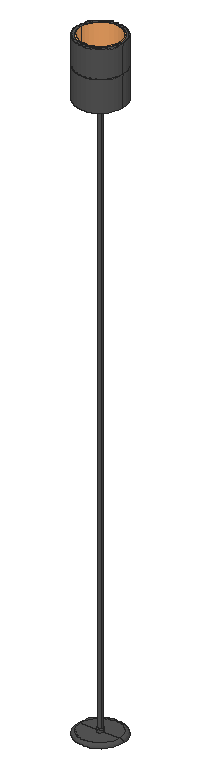
Revit family "MELO CYLINDER PENDANT LIGHT", category Lighting Fixtures, host Face, Revit 2020 (continued)
Types (16): name | Wattage_Input | Wattage Comments | Wattage | Voltage_Input | Size 08 | Size 06 | Size 04 | Selectable Wattage | Photometric Web File | Pendent Rod Length_1 | Pendent | Order number | built-in parameter 1150142 | Model | built-in parameter 1150105 | Lumens | built-in parameter 1150106 | Fixture Diameter | Canopy for Surface Mount J-box | Canopy for Recessed J-Box | Canopy Height | C2 H | C1 H | BEAMING ANGLE
  MELO04R-SP30801-10D-36-GD-BK | 25 W | "25W/18W/12W" | 17.5035 W | 0 V | no | no | yes | 25 W | "MELO04R-SP30901-10D-36_(25W).IES" | 4' - 0" | yes | "17291" | "IESNA:LM-63-2002\r\n[TEST] \r\n[TESTLAB] EVERFINE\r\n[TESTDATE] 2023-03-20\r\n[ISSUEDATE] 2024-03-01 11:52:25\r\n[NEARFIELD] \r\n[LAMPPOSITION] 0,0\r\n[OTHER] EVERFINE GO-2000B_V1 SYSTEM\r\n[MANUFAC] Aboveall lighting\r\n[LUMINAIRE] MELO04R-SP30901-10D-36 (25W)\r\n[OTHER] \r\n[OTHER] Gamma(deg)    Fz(lm)      Ft(lm)     %Lum    %Lamp\r\n[OTHER]   0- 10       402.87      402.87    19.62    19.62\r\n[OTHER]  10- 20       836.48     1239.35    60.35    60.35\r\n[OTHER]  20- 30       542.82     1782.18    86.78    86.78\r\n[OTHER]  30- 40       181.32     1963.50    95.61    95.61\r\n[OTHER]  40- 50        40.18     2003.68    97.57    97.57\r\n[OTHER]  50- 60        19.97     2023.65    98.54    98.54\r\n[OTHER]  60- 70        14.32     2037.97    99.24    99.24\r\n[OTHER]  70- 80         7.94     2045.92    99.63    99.63\r\n[OTHER]  80- 90         2.15     2048.07    99.73    99.73\r\n[OTHER]  90-100         0.04     2048.11    99.73    99.73\r\n[OTHER] 100-110         0.04     2048.15    99.73    99.73\r\n[OTHER] 110-120         0.08     2048.23    99.74    99.74\r\n[OTHER] 120-130         0.13     2048.36    99.74    99.74\r\n[OTHER] 130-140         0.36     2048.73    99.76    99.76\r\n[OTHER] 140-150         0.94     2049.67    99.81    99.81\r\n[OTHER] 150-160         1.61     2051.28    99.89    99.89\r\n[OTHER] 160-170         1.62     2052.90    99.97    99.97\r\n[OTHER] 170-180         0.71     2053.61   100.00   100.00\r\n[OTHER] \r\nTILT=NONE\r\n1 -1 1 181 25 1 2 -0.085 -0.085 0.000\r\n1.000 1 25.5\r\n0.0    1.0    2.0    3.0    4.0    5.0    6.0    7.0    8.0    9.0    \r\n 10.0   11.0   12.0   13.0   14.0   15.0   16.0   17.0   18.0   19.0   \r\n 20.0   21.0   22.0   23.0   24.0   25.0   26.0   27.0   28.0   29.0   \r\n 30.0   31.0   32.0   33.0   34.0   35.0   36.0   37.0   38.0   39.0   \r\n 40.0   41.0   42.0   43.0   44.0   45.0   46.0   47.0   48.0   49.0   \r\n 50.0   51.0   52.0   53.0   54.0   55.0   56.0   57.0   58.0   59.0   \r\n 60.0   61.0   62.0   63.0   64.0   65.0   66.0   67.0   68.0   69.0   \r\n 70.0   71.0   72.0   73.0   74.0   75.0   76.0   77.0   78.0   79.0   \r\n 80.0   81.0   82.0   83.0   84.0   85.0   86.0   87.0   88.0   89.0   \r\n 90.0   91.0   92.0   93.0   94.0   95.0   96.0   97.0   98.0   99.0   \r\n 100.0  101.0  102.0  103.0  104.0  105.0  106.0  107.0  108.0  109.0  \r\n 110.0  111.0  112.0  113.0  114.0  115.0  116.0  117.0  118.0  119.0  \r\n 120.0  121.0  122.0  123.0  124.0  125.0  126.0  127.0  128.0  129.0  \r\n 130.0  131.0  132.0  133.0  134.0  135.0  136.0  137.0  138.0  139.0  \r\n 140.0  141.0  142.0  143.0  144.0  145.0  146.0  147.0  148.0  149.0  \r\n 150.0  151.0  152.0  153.0  154.0  155.0  156.0  157.0  158.0  159.0  \r\n 160.0  161.0  162.0  163.0  164.0  165.0  166.0  167.0  168.0  169.0  \r\n 170.0  171.0  172.0  173.0  174.0  175.0  176.0  177.0  178.0  179.0  \r\n 180.0  \r\n0.0    15.0   30.0   45.0   60.0   75.0   90.0   105.0  120.0  135.0  \r\n 150.0  165.0  180.0  195.0  210.0  225.0  240.0  255.0  270.0  285.0  \r\n 300.0  315.0  330.0  345.0  360.0  \r\n4490.57  4486.87  4473.23  4452.43  4417.47  4374.03  4321.96  4260.41  4172.97  4062.24  \r\n 3926.86  3779.00  3637.57  3476.50  3321.32  3148.83  2980.85  2817.14  2637.08  2439.96  \r\n 2250.59  2049.13  1837.68  1643.00  1439.13  1270.90  1103.05  949.71   824.85   708.34   \r\n 615.71   538.03   464.40   406.65   350.01   299.70   256.80   218.41   183.03   152.21   \r\n 124.00   102.82   87.08    75.12    65.93    56.67    47.66    40.98    35.61    30.91    \r\n 27.93    27.05    26.37    25.70    25.02    24.31    23.54    22.82    21.77    20.87    \r\n 20.00    19.20    18.41    17.60    16.82    16.04    15.26    14.50    13.73    12.97    \r\n 12.24    11.51    10.81    10.09    9.40     8.73     8.06     7.40     6.77     6.15     \r\n 5.54     4.94     4.37     3.80     3.25     2.71     2.19     1.70     1.20     0.71     \r\n 0.27     0.05     0.04     0.03     0.03     0.03     0.03     0.03     0.03     0.03     \r\n 0.03     0.03     0.03     0.03     0.03     0.03     0.03     0.03     0.03     0.04     \r\n 0.05     0.07     0.07     0.07     0.07     0.07     0.07     0.07     0.07     0.07     \r\n 0.07     0.07     0.07     0.08     0.08     0.10     0.14     0.14     0.14     0.16     \r\n 0.23     0.24     0.25     0.29     0.34     0.37     0.45     0.50     0.56     0.66     \r\n 0.73     0.83     0.95     1.06     1.18     1.33     1.48     1.64     1.82     2.00     \r\n 2.20     2.40     2.61     2.84     3.05     3.29     3.52     3.75     4.00     4.22     \r\n 4.46     4.70     4.92     5.15     5.38     5.61     5.84     6.06     6.29     6.49     \r\n 6.70     6.89     7.09     7.25     7.42     7.62     7.75     7.89     7.99     8.07     \r\n 8.15     \r\n4490.57  4492.86  4485.16  4466.09  4440.30  4398.93  4353.69  4297.38  4215.81  4122.31  \r\n 3978.11  3860.28  3684.00  3558.99  3371.36  3238.45  3065.37  2892.19  2708.51  2508.42  \r\n 2335.19  2097.39  1917.13  1693.50  1504.05  1330.69  1138.74  1011.17  856.66   760.48   \r\n 645.35   570.70   492.82   427.73   373.55   313.36   268.96   224.69   193.86   155.41   \r\n 129.99   105.10   88.59    76.62    66.14    58.00    47.30    41.43    35.45    30.79    \r\n 27.61    26.64    26.01    25.14    24.56    23.82    23.20    22.48    21.56    20.65    \r\n 19.78    18.99    18.16    17.44    16.55    15.92    15.01    14.36    13.51    12.84    \r\n 12.07    11.36    10.67    9.91     9.29     8.56     7.93     7.27     6.65     6.05     \r\n 5.43     4.85     4.28     3.72     3.18     2.65     2.13     1.65     1.14     0.71     \r\n 0.23     0.02     0.03     0.03     0.03     0.03     0.03     0.03     0.03     0.03     \r\n 0.03     0.03     0.03     0.05     0.05     0.06     0.05     0.06     0.06     0.06     \r\n 0.06     0.07     0.07     0.08     0.07     0.07     0.08     0.08     0.09     0.09     \r\n 0.10     0.11     0.11     0.12     0.13     0.14     0.15     0.17     0.19     0.21     \r\n 0.23     0.25     0.29     0.32     0.36     0.40     0.46     0.52     0.58     0.66     \r\n 0.74     0.83     0.94     1.06     1.18     1.32     1.46     1.62     1.78     1.96     \r\n 2.15     2.35     2.57     2.78     3.01     3.23     3.47     3.71     3.94     4.17     \r\n 4.41     4.66     4.89     5.12     5.34     5.57     5.78     6.01     6.22     6.44     \r\n 6.63     6.85     7.06     7.25     7.44     7.62     7.77     7.91     8.03     8.11     \r\n 8.15     \r\n4490.57  4493.06  4486.04  4469.03  4442.99  4408.01  4363.47  4305.66  4223.28  4124.16  \r\n 3994.32  3851.44  3707.94  3546.58  3393.01  3220.25  3048.70  2877.63  2689.67  2487.42  \r\n 2288.28  2087.31  1867.52  1676.65  1474.82  1309.79  1145.15  991.58   865.29   752.03   \r\n 654.80   570.81   496.11   430.76   371.44   316.62   270.18   227.81   188.96   154.83   \r\n 128.09   101.45   85.15    73.42    63.89    54.24    45.39    38.90    33.70    29.15    \r\n 26.80    25.98    25.29    24.55    23.80    23.03    22.33    21.66    20.83    20.05    \r\n 19.19    18.40    17.60    16.81    16.04    15.26    14.50    13.75    13.00    12.28    \r\n 11.55    10.86    10.16    9.48     8.82     8.16     7.53     6.89     6.30     5.70     \r\n 5.11     4.54     4.00     3.45     2.93     2.41     1.92     1.45     0.97     0.52     \r\n 0.15     0.04     0.03     0.03     0.03     0.03     0.03     0.03     0.03     0.03     \r\n 0.03     0.03     0.03     0.03     0.03     0.03     0.03     0.03     0.03     0.03     \r\n 0.05     0.05     0.05     0.05     0.06     0.06     0.06     0.07     0.07     0.07     \r\n 0.07     0.07     0.07     0.08     0.09     0.11     0.14     0.15     0.15     0.16     \r\n 0.21     0.22     0.25     0.32     0.32     0.36     0.43     0.48     0.54     0.63     \r\n 0.71     0.81     0.90     1.04     1.15     1.29     1.43     1.59     1.79     1.93     \r\n 2.13     2.33     2.52     2.75     2.99     3.20     3.43     3.65     3.89     4.12     \r\n 4.35     4.59     4.83     5.06     5.29     5.51     5.73     5.96     6.16     6.37     \r\n 6.57     6.79     6.99     7.17     7.38     7.55     7.71     7.85     7.97     8.09     \r\n 8.15     \r\n4490.57  4498.54  4492.78  4481.74  4460.20  4423.59  4389.55  4328.61  4263.36  4164.67  \r\n 4038.56  3907.89  3739.36  3612.73  3423.88  3290.29  3115.79  2941.05  2742.87  2536.10  \r\n 2350.45  2103.49  1924.89  1704.35  1518.40  1349.98  1160.59  1035.40  881.48   784.84   \r\n 668.51   592.44   511.62   445.28   387.21   325.37   277.86   230.47   196.30   155.17   \r\n 127.38   101.99   85.29    73.85    63.29    54.64    44.24    38.73    33.15    28.45    \r\n 26.35    25.49    24.85    23.98    23.37    22.54    21.91    21.08    20.39    19.64    \r\n 18.75    18.06    17.15    16.52    15.61    14.98    14.09    13.46    12.63    11.98    \r\n 11.24    10.55    9.89     9.16     8.57     7.87     7.28     6.64     6.06     5.47     \r\n 4.88     4.33     3.80     3.27     2.75     2.26     1.77     1.33     0.85     0.44     \r\n 0.08     0.03     0.03     0.03     0.03     0.03     0.03     0.03     0.03     0.04     \r\n 0.04     0.04     0.04     0.04     0.04     0.04     0.05     0.06     0.06     0.07     \r\n 0.07     0.07     0.07     0.07     0.07     0.07     0.08     0.09     0.10     0.10     \r\n 0.10     0.11     0.12     0.13     0.14     0.14     0.17     0.17     0.19     0.21     \r\n 0.23     0.26     0.29     0.31     0.36     0.40     0.45     0.51     0.57     0.65     \r\n 0.74     0.82     0.93     1.05     1.17     1.31     1.44     1.61     1.76     1.94     \r\n 2.13     2.32     2.53     2.75     2.96     3.18     3.41     3.64     3.89     4.11     \r\n 4.34     4.59     4.81     5.07     5.27     5.51     5.74     5.98     6.20     6.42     \r\n 6.63     6.84     7.04     7.24     7.45     7.62     7.78     7.90     8.03     8.12     \r\n 8.15     \r\n4490.57  4497.35  4492.25  4481.36  4458.64  4425.53  4382.83  4327.78  4250.49  4148.01  \r\n 4017.01  3869.21  3724.99  3567.63  3417.67  3244.23  3070.09  2898.75  2698.78  2493.76  \r\n 2288.20  2069.47  1864.70  1665.27  1475.31  1305.13  1135.17  992.36   862.50   752.26   \r\n 655.59   571.75   498.13   432.50   372.94   317.84   270.00   225.36   184.59   149.07   \r\n 117.94   96.43    81.18    70.25    60.45    49.63    42.09    35.87    30.87    26.90    \r\n 25.71    24.91    24.17    23.39    22.63    21.93    21.30    20.53    19.73    18.89    \r\n 18.08    17.31    16.53    15.78    15.03    14.26    13.51    12.77    12.05    11.36    \r\n 10.66    9.98     9.34     8.66     8.02     7.41     6.80     6.21     5.64     5.07     \r\n 4.51     3.98     3.46     2.94     2.46     1.96     1.52     1.06     0.63     0.22     \r\n 0.05     0.03     0.03     0.03     0.03     0.03     0.03     0.03     0.03     0.03     \r\n 0.03     0.03     0.03     0.03     0.03     0.03     0.03     0.03     0.03     0.05     \r\n 0.07     0.08     0.09     0.09     0.09     0.09     0.10     0.09     0.09     0.09     \r\n 0.09     0.09     0.09     0.09     0.11     0.13     0.16     0.16     0.17     0.18     \r\n 0.24     0.24     0.25     0.29     0.33     0.39     0.43     0.51     0.55     0.62     \r\n 0.72     0.84     0.90     1.02     1.15     1.29     1.43     1.59     1.74     1.92     \r\n 2.11     2.31     2.52     2.74     2.96     3.18     3.43     3.66     3.90     4.13     \r\n 4.37     4.61     4.85     5.07     5.29     5.52     5.72     5.93     6.15     6.37     \r\n 6.58     6.80     7.02     7.23     7.42     7.59     7.73     7.86     7.96     8.05     \r\n 8.15     \r\n4490.57  4499.54  4499.43  4486.97  4466.39  4435.35  4396.15  4342.06  4262.17  4170.44  \r\n 4043.96  3887.43  3754.37  3601.79  3433.87  3291.59  3114.00  2936.04  2721.14  2516.52  \r\n 2311.38  2064.34  1883.35  1660.69  1481.64  1308.42  1127.00  1002.60  857.22   763.13   \r\n 657.55   580.10   504.38   434.64   378.97   318.58   269.98   221.51   187.15   143.97   \r\n 118.74   93.85    80.59    69.01    59.02    48.56    40.32    35.13    29.70    26.27    \r\n 25.37    24.49    23.91    23.12    22.51    21.70    21.08    20.07    19.41    18.43    \r\n 17.74    16.88    16.17    15.38    14.63    13.92    13.11    12.47    11.66    11.07    \r\n 10.33    9.67     9.03     8.32     7.76     7.11     6.52     5.95     5.38     4.83     \r\n 4.27     3.75     3.24     2.74     2.25     1.79     1.33     0.92     0.47     0.10     \r\n 0.03     0.03     0.03     0.03     0.03     0.04     0.03     0.03     0.03     0.03     \r\n 0.03     0.04     0.05     0.05     0.05     0.05     0.05     0.06     0.06     0.06     \r\n 0.06     0.07     0.08     0.08     0.08     0.09     0.08     0.09     0.10     0.10     \r\n 0.11     0.11     0.12     0.13     0.14     0.15     0.16     0.18     0.20     0.22     \r\n 0.23     0.26     0.29     0.32     0.36     0.41     0.45     0.51     0.58     0.65     \r\n 0.74     0.83     0.93     1.06     1.17     1.31     1.46     1.62     1.77     1.95     \r\n 2.14     2.32     2.54     2.75     2.99     3.22     3.44     3.69     3.94     4.15     \r\n 4.39     4.63     4.87     5.12     5.36     5.58     5.81     6.02     6.24     6.45     \r\n 6.65     6.85     7.05     7.22     7.38     7.55     7.71     7.84     7.96     8.06     \r\n 8.15     \r\n4490.57  4500.81  4499.76  4489.25  4466.95  4433.84  4392.59  4332.96  4257.00  4158.14  \r\n 4031.07  3884.37  3734.87  3584.79  3425.24  3253.00  3071.75  2890.23  2686.55  2471.36  \r\n 2246.63  2028.83  1823.78  1621.06  1437.28  1261.58  1108.91  969.28   848.54   741.35   \r\n 648.83   567.63   495.69   428.06   369.20   315.52   266.72   218.01   175.96   139.67   \r\n 111.09   90.72    77.08    65.98    55.49    45.18    38.58    32.99    28.39    26.08    \r\n 25.29    24.51    23.79    23.00    22.19    21.39    20.65    19.78    18.98    18.11    \r\n 17.33    16.54    15.78    15.02    14.27    13.51    12.77    12.06    11.35    10.67    \r\n 9.99     9.33     8.68     8.04     7.42     6.81     6.24     5.66     5.10     4.55     \r\n 4.02     3.50     2.99     2.50     2.02     1.57     1.13     0.69     0.28     0.03     \r\n 0.02     0.03     0.03     0.03     0.03     0.03     0.04     0.04     0.04     0.04     \r\n 0.04     0.05     0.05     0.05     0.05     0.06     0.06     0.06     0.07     0.07     \r\n 0.07     0.07     0.08     0.08     0.08     0.08     0.09     0.10     0.11     0.10     \r\n 0.11     0.12     0.13     0.13     0.15     0.15     0.17     0.19     0.20     0.22     \r\n 0.26     0.27     0.32     0.35     0.39     0.44     0.49     0.56     0.63     0.71     \r\n 0.81     0.91     1.02     1.15     1.29     1.44     1.60     1.76     1.94     2.14     \r\n 2.35     2.57     2.78     3.00     3.24     3.49     3.72     3.97     4.21     4.45     \r\n 4.69     4.93     5.17     5.39     5.62     5.84     6.06     6.27     6.48     6.68     \r\n 6.87     7.07     7.25     7.42     7.58     7.73     7.87     7.99     8.09     8.16     \r\n 8.15     \r\n4490.57  4496.34  4494.52  4480.46  4459.28  4422.22  4381.68  4305.58  4226.81  4119.49  \r\n 3984.79  3855.46  3685.00  3529.64  3376.75  3191.57  3011.78  2806.32  2602.47  2377.60  \r\n 2155.81  1937.33  1743.19  1543.19  1373.38  1203.81  1059.79  936.65   813.85   716.06   \r\n 619.84   542.99   477.28   409.59   352.71   300.09   249.94   206.32   162.82   132.93   \r\n 103.18   84.51    72.73    61.25    49.66    42.07    35.57    30.70    26.74    25.67    \r\n 24.87    24.06    23.25    22.47    21.69    20.87    19.98    19.16    18.35    17.54    \r\n 16.79    15.95    15.19    14.50    13.69    13.01    12.22    11.51    10.90    10.22    \r\n 9.55     8.91     8.28     7.67     7.02     6.43     5.90     5.31     4.79     4.20     \r\n 3.68     3.25     2.72     2.24     1.74     1.32     0.92     0.49     0.13     0.04     \r\n 0.03     0.03     0.03     0.03     0.03     0.03     0.03     0.03    
